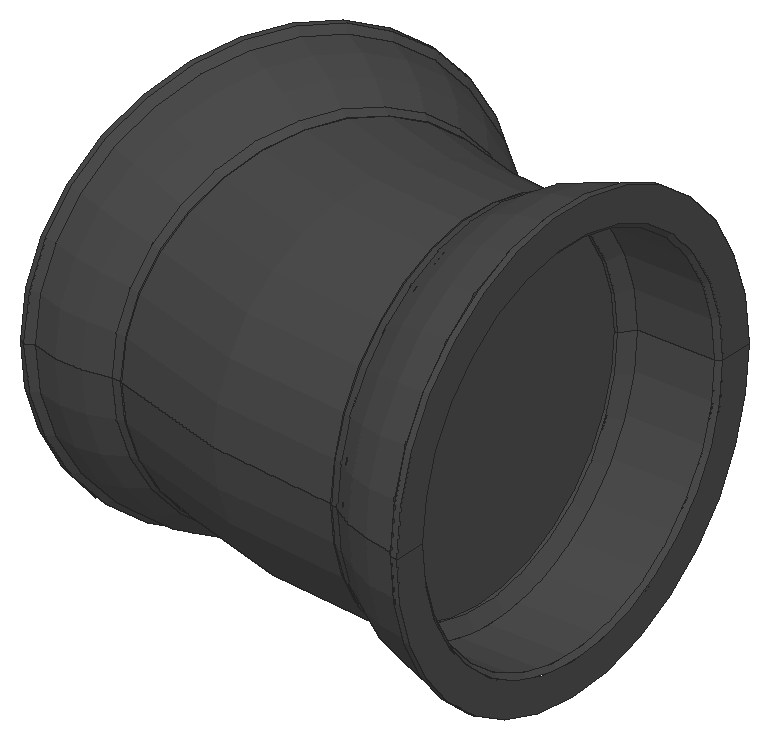
Revit family "FoFo_BB_Curva22", category Pipe Fittings, Revit 2025
Family settings
  Round Connector Dimension = Use Radius
  Part Type = Elbow
  OmniClass Number = 23.60.30.11.14
  OmniClass Title = Pipework Fittings
  Work Plane-Based = Yes
  Always vertical = No
  Cut with Voids When Loaded = No
  Shared = Yes
Parameters (values of type "C22JGS_0400")
  Material_Conexao = FOFO
  Manufacturer = "SGC"
  Loss Method = K Coefficient from Table
  K Coefficient Table = "Tee"
  Junta_1_Tipo = FoFo_BO_Junta : JGS_0400
  Description = "Curva 22"
  Default Elevation = 0.0 mm
  DN = "400"
  Corpo_R = Corpo_L / tan(11.25°)  # 553.007 mm
  Corpo_L = 110.0 mm
  Corpo_RE1 = 0.5 * Corpo_DE  # 214.5 mm
  Corpo_DE = 429.0 mm
Reference planes
  plane 1 "EixoP": y = 205.208
  plane 2: z = 0
  plane 3 "EixoS": x = 434.476
  plane 4: y = 758.215
  plane 5: x = 544.476
Forms (mm)
  Sweep 1, solid, material "FOFO" <- "Material_Conexao"
    path origin (0.002, -0.001, 0) x (1, 0, 0) y (0, 1, 0)
      loop
        arc (544.476, 205.189) -> (436.586, 215.82) -> (332.843, 247.294) r 553.026
    profile origin (436.588, 215.819, 0) x (-0.19513, -0.980777, 0) y (0, 0, 1)
      loop
        circle (0, 0) r 214.5
Lines and regions (mm)
  model lines, style "PipeFittingCenterLine"
    curve 1: line (332.845, 247.294, -189) -> (332.845, 247.294, 189)
    curve 4: line (332.851, 247.307, 0) -> (434.476, 205.208, 0)
    curve 5: line (434.476, 205.208, 0) -> (544.476, 205.208, 0)
  reference lines
    curve 2: line (434.476, 205.208, 0) -> (332.849, 247.308, 0)
    curve 3: line (434.476, 205.208, 0) -> (544.476, 205.208, 0)
Dimensions and locks
  "Corpo_L": plane 5 to plane 3 "EixoS"
  "Corpo_R": plane 4 to plane 1 "EixoP"
  nested 1 to curve 5 = 0.0 mm
  "Corpo_DE": diameter of Sweep 1 sketch curve
  locked: plane 5 to plane 1 "EixoP" (angle 90.00°)
  locked: Sweep 1 sketch curve to Sweep 1 sketch curve (angle 22.50°)
  locked: curve 3 to curve 2 (angle 157.498°)
  aligned and locked: plane 5 to Sweep 1 sketch curve
  aligned and locked: Sweep 1 to curve 2
  aligned and locked: curve 3 to plane 1 "EixoP"
  aligned and locked: plane 5 to curve 3
  aligned and locked: plane 3 "EixoS" to curve 3
  aligned and locked: Sweep 1 to curve 4
  aligned and locked: curve 4 to curve 2
  aligned and locked: curve 5 to plane 1 "EixoP"
  aligned and locked: plane 5 to nested 1
  aligned and locked: nested 1 to curve 5
  aligned and locked: Sweep 1 to nested 2
  aligned and locked: nested 2 to curve 4
Automatic sketch dimensions
  curve 1 to level = 189.0 mm
  level to curve 1 = 189.0 mm
  Sweep 1 sketch curve to plane 4 = 0.001 mm
  plane 1 "EixoP" to Sweep 1 sketch curve = 0.02 mm
  plane 5 to Sweep 1 sketch curve = 0.024 mm
  level to Sweep 1 sketch curve = 0.0 mm
  Sweep 1 sketch curve to profile plane = 0.0 mm
  plane 5 to curve 5 = 0.0 mm
Nested families
  nested 1: "FoFo_BO_Junta" at (-2073.774, 205.208, 0) x (1, 0, 0) z (0, 0, -1), type <- "Junta_1_Tipo", type "JGS_0400"
  nested 2: "FoFo_BO_Junta" at (2751.758, -754.751, 0) x (-0.9239, 0.3827, 0) z (0, 0, -1), type <- "Junta_1_Tipo", type "JGS_0400"
Connectors
  piping at (544.477, 205.189, 0), diameter 429, driven by "Corpo_RE1"
    settings: on Sweep 1, index 1, connector inside diameter 24", connector length 0.0 mm, flow factor 0, pipe flow 0 GPM, pressure drop 0.00 psi, fitting loss kfactor 0, connector angle 0.00°, fixture units 0, engagement length 0.0 mm, angle of deflection 0.00°, flow configuration 0, flow direction 0, fitting loss method 0, system type 7, joint type 0, gender type 0, connector reference index -1, connector utility 0, adjustable connector no, is connector primary yes, connector description ""
  piping at (332.845, 247.294, 0), diameter 429, driven by "Corpo_RE1"
    settings: on Sweep 1, index 2, connector inside diameter 24", connector length 0.0 mm, flow factor 0, pipe flow 0 GPM, pressure drop 0.00 psi, fitting loss kfactor 0, connector angle 0.00°, fixture units 0, engagement length 0.0 mm, angle of deflection 0.00°, flow configuration 0, flow direction 0, fitting loss method 0, system type 7, joint type 0, gender type 0, connector reference index -1, connector utility 0, adjustable connector no, is connector primary no, connector description ""
Definition of nested family "FoFo_BO_Junta"
  Parameters (values of type "JGS_0400")
    Manufacturer = "SGC"
    Loss Method = 1
    K Coefficient Table = "Tee"
    Description = "Bolsas JGS - JTI - JTE"
    Default Elevation = 0.0 mm
    DN = "400"
    Bolsa_RL = 0.5 * Bolsa_DL  # 200.0 mm
    Material_Conexao = none
    Bolsa_DL = 400.0 mm
    Bolsa_Borde3 = Bolsa_Borde1 * 1.1  # 7.7 mm
    Bolsa_Borde1 = 7.0 mm
    Bolsa_RI = 0.5 * Bolsa_DI  # 216.0 mm
    Bolsa_RE = 0.5 * Bolsa_DE  # 214.5 mm
    Bolsa_RB = 0.5 * Bolsa_DB  # 258.5 mm
    Bolsa_Borde2 = Bolsa_Borde1 * 2  # 14.0 mm
    Bolsa_P = 112.0 mm
    Bolsa_E2 = 0.5 * Bolsa_E  # 3.0 mm
    Bolsa_E = 6.0 mm
    Bolsa_DI = 432.0 mm
    Bolsa_DE = 429.0 mm
    Bolsa_DB = 517.0 mm
  Types (16, lengths in mm): name | DN | Bolsa_RL | Bolsa_DL | Bolsa_RI | Bolsa_RE | Bolsa_RB | Bolsa_P | Bolsa_DI | Bolsa_DE | Bolsa_DB
    JGS_1200 | "1200" | 600.0 | 1200.0 | 629.0 | 627.5 | 706.0 | 167.0 | 1258.0 | 1255.0 | 1412.0
    JGS_1000 | "1000" | 500.0 | 1000.0 | 525.5 | 524.0 | 595.5 | 157.0 | 1051.0 | 1048.0 | 1191.0
    JGS_0900 | "900" | 450.0 | 900.0 | 474.0 | 472.5 | 541.0 | 147.0 | 948.0 | 945.0 | 1082.0
    JGS_0800 | "800" | 400.0 | 800.0 | 422.5 | 421.0 | 487.0 | 147.0 | 845.0 | 842.0 | 974.0
    JGS_0700 | "700" | 350.0 | 700.0 | 370.5 | 369.0 | 431.5 | 147.0 | 741.0 | 738.0 | 863.0
    JGS_0600 | "600" | 300.0 | 600.0 | 319.0 | 317.5 | 369.5 | 122.0 | 638.0 | 635.0 | 739.0
    JGS_0500 | "500" | 250.0 | 500.0 | 267.5 | 266.0 | 315.0 | 117.0 | 535.0 | 532.0 | 630.0
    JGS_0450 | "450" | 225.0 | 450.0 | 241.5 | 240.0 | 287.5 | 115.0 | 483.0 | 480.0 | 575.0
    JGS_0400 | "400" | 200.0 | 400.0 | 216.0 | 214.5 | 258.5 | 112.0 | 432.0 | 429.0 | 517.0
    JGS_0350 | "350" | 175.0 | 350.0 | 190.5 | 189.0 | 232.5 | 110.0 | 381.0 | 378.0 | 465.0
    JGS_0300 | "300" | 150.0 | 300.0 | 164.5 | 163.0 | 205.0 | 107.0 | 329.0 | 326.0 | 410.0
    JGS_0250 | "250" | 125.0 | 250.0 | 138.5 | 137.0 | 176.5 | 105.0 | 277.0 | 274.0 | 353.0
    JGS_0200 | "200" | 100.0 | 200.0 | 112.5 | 111.0 | 148.0 | 106.0 | 225.0 | 222.0 | 296.0
    JGS_0150 | "150" | 75.0 | 150.0 | 86.5 | 85.0 | 121.5 | 100.0 | 173.0 | 170.0 | 243.0
    JGS_0100 | "100" | 50.0 | 100.0 | 60.5 | 59.0 | 94.5 | 94.0 | 121.0 | 118.0 | 189.0
    JGS_0080 | "80" | 40.0 | 80.0 | 50.5 | 49.0 | 84.0 | 92.0 | 101.0 | 98.0 | 168.0
  Reference planes
    plane 1 "EixoP": y = 0
    plane 2: z = 0
    plane 3 "EixoS": x = 2618.25
    plane 4: x = 2730.25
    plane 5: y = 258.5
    plane 6: y = 216
    plane 7: y = 214.5
    plane 8: y = 200
  Forms (mm)
    Revolve 1, solid, material <- "Material_Conexao"
      sketch origin (-3000, 0, 0) x (1, 0, 0) y (0, 1, 0)
        loop
          arc (5716.25, 250.8) -> (5670.117, 241.457) -> (5628.857, 218.804) r 156.302
          line (5628.857, 218.804) -> (5618.25, 214.5) -> (5618.25, 200.5) -> (5623.25, 200.5) -> (5633.25, 216) -> (5725.25, 216) -> (5730.25, 221) -> (5730.25, 258.5) -> (5723.25, 258.5) -> (5716.25, 250.8)
        axis (5618.25, 0) -> (5730.25, 0)
      angle from 0 to 360
  Lines and regions (mm)
    model lines
      curve 1: line (2731.572, 0, 0) -> (2618.25, 0, 0)
      curve 2: line (2618.25, 0, 200.5) -> (2618.25, 0, -200.5)
  Dimensions and locks
    "Bolsa_Borde1": Revolve 1 sketch curve to Revolve 1 sketch curve
    "Bolsa_Borde2": Revolve 1 sketch curve to Revolve 1 sketch curve
    "Bolsa_Borde3": Revolve 1 sketch curve to Revolve 1 sketch curve
    "Bolsa_P": plane 3 "EixoS" to Revolve 1 sketch curve
    "Bolsa_P": plane 4 to plane 3 "EixoS"
    "Bolsa_RB": plane 5 to plane 1 "EixoP"
    "Bolsa_RI": plane 6 to plane 1 "EixoP"
    "Bolsa_RE": plane 7 to plane 1 "EixoP"
    "Bolsa_RL": plane 8 to plane 1 "EixoP"
    aligned and locked: Revolve 1 sketch curve to plane 1 "EixoP"
    aligned and locked: Revolve 1 sketch curve to plane 5
    aligned and locked: plane 6 to Revolve 1 sketch curve
    aligned and locked: curve 1 to plane 1 "EixoP"
    aligned and locked: curve 2 to plane 1 "EixoP"
  Automatic sketch dimensions
    curve 1 to plane 3 "EixoS" = 0.0 mm
    plane 4 to curve 1 = 1.322 mm
    curve 2 to level = 200.5 mm
    level to curve 2 = 200.5 mm
    Revolve 1 sketch curve to plane 3 "EixoS" = 0.0 mm  (x2)
    Revolve 1 sketch curve to plane 7 = 0.0 mm
    plane 8 to Revolve 1 sketch curve = 0.5 mm
    plane 3 "EixoS" to Revolve 1 sketch curve = 5.0 mm
    plane 6 to Revolve 1 sketch curve = 2.804 mm
    plane 3 "EixoS" to Revolve 1 sketch curve = 10.607 mm
    Revolve 1 sketch curve to Revolve 1 sketch curve = 4.393 mm
    Revolve 1 sketch curve to plane 4 = 6.397 mm
    Revolve 1 sketch curve to plane 4 = 5.0 mm
    plane 6 to Revolve 1 sketch curve = 5.0 mm
    plane 4 to Revolve 1 sketch curve = 9.153 mm
Types in the file's own list only (15): name | Junta_1_Tipo | DN | Corpo_R | Corpo_L | Corpo_RE1 | Corpo_DE
  C22JGS_0080 | FoFo_BO_Junta : JGS_0080 | "80" | 201.1 mm | 40.0 mm | 49.0 mm | 98.0 mm
  C22JGS_0100 | FoFo_BO_Junta : JGS_0100 | "100" | 201.1 mm | 40.0 mm | 59.0 mm | 118.0 mm
  C22JGS_0150 | FoFo_BO_Junta : JGS_0150 | "150" | 276.5 mm | 55.0 mm | 85.0 mm | 170.0 mm
  C22JGS_0200 | FoFo_BO_Junta : JGS_0200 | "200" | 326.8 mm | 65.0 mm | 111.0 mm | 222.0 mm
  C22JGS_0250 | FoFo_BO_Junta : JGS_0250 | "250" | 377.1 mm | 75.0 mm | 137.0 mm | 274.0 mm
  C22JGS_0300 | FoFo_BO_Junta : JGS_0300 | "300" | 427.3 mm | 85.0 mm | 163.0 mm | 326.0 mm
  C22JGS_0350 | FoFo_BO_Junta : JGS_0350 | "350" | 477.6 mm | 95.0 mm | 189.0 mm | 378.0 mm
  C22JGS_0450 | FoFo_BO_Junta : JGS_0450 | "450" | 603.3 mm | 120.0 mm | 240.0 mm | 480.0 mm
  C22JGS_0500 | FoFo_BO_Junta : JGS_0500 | "500" | 653.6 mm | 130.0 mm | 266.0 mm | 532.0 mm
  C22JGS_0600 | FoFo_BO_Junta : JGS_0600 | "600" | 754.1 mm | 150.0 mm | 317.5 mm | 635.0 mm
  C22JGS_0700 | FoFo_BO_Junta : JGS_0700 | "350" | 879.8 mm | 175.0 mm | 369.0 mm | 738.0 mm
  C22JGS_0800 | FoFo_BO_Junta : JGS_0800 | "400" | 980.3 mm | 195.0 mm | 421.0 mm | 842.0 mm
  C22JGS_0900 | FoFo_BO_Junta : JGS_0900 | "450" | 1106.0 mm | 220.0 mm | 472.5 mm | 945.0 mm
  C22JGS_1000 | FoFo_BO_Junta : JGS_1000 | "500" | 1206.6 mm | 240.0 mm | 524.0 mm | 1048.0 mm
  C22JGS_1200 | FoFo_BO_Junta : JGS_1200 | "600" | 1432.8 mm | 285.0 mm | 627.5 mm | 1255.0 mm
